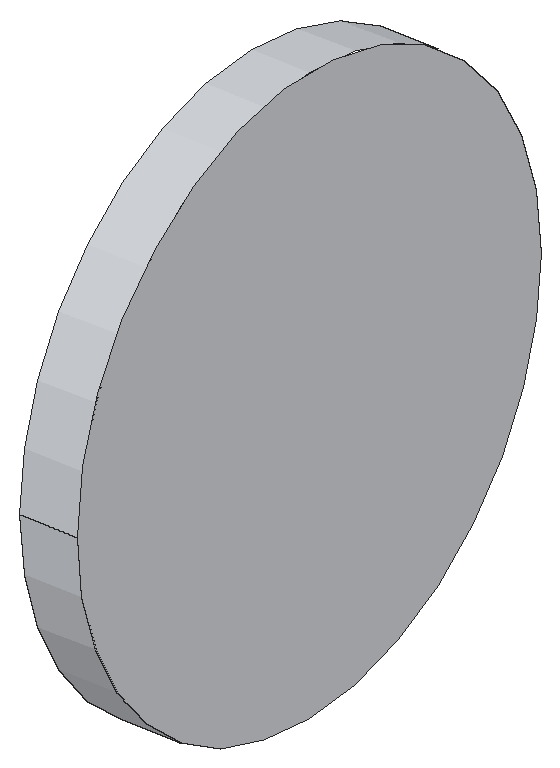
Revit family "Разрыв", category Соединительные детали трубопроводов, Revit 2025
Family settings
  Размер круглого соединителя = Использовать диаметр
  Тип детали = Мультипорт
  На основе рабочей плоскости = Нет
  Всегда вертикально = Да
  При загрузке вырезать с полостями = Нет
  Общий = Нет
Parameters
  Толщина [instance] = 2 mm
  Отметка по умолчанию = 0 mm
  Диаметр [instance] = 20 mm
Reference planes
  plane 1 "По центру (Вперед/Назад)": y = 0
  plane 2: z = 0
  plane 3 "По центру (Влево/Вправо)": x = 0
  plane 4: x = -1
  plane 5: x = 1
Forms (mm)
  Extrusion 1, solid, detail levels fine
    sketch origin (0, 0, 0) x (0, -1, 0) y (0, 0, 1)
      loop
        circle (0, 0) r 10
    from -1 to 1
Lines and regions (mm)
  model lines
    curve 1: line (-1, 0, 0) -> (1, 0, 0)
Dimensions and locks
  "Толщина": plane 4 to plane 5
  plane 4 to plane 5 = 2 mm
  equal spacing: plane 4, plane 3 "По центру (Влево/Вправо)", plane 5
  "Диаметр": diameter of Extrusion 1 sketch curve
  aligned and locked: level to plane 2
  aligned and locked: Extrusion 1 to plane 4
  aligned and locked: plane 5 to Extrusion 1
  aligned and locked: Extrusion 1 to curve 1
  aligned and locked: curve 1 to Extrusion 1
Automatic sketch dimensions
  Extrusion 1 sketch curve to level = 0 mm
  Extrusion 1 sketch curve to plane 1 "По центру (Вперед/Назад)" = 0 mm
  plane 1 "По центру (Вперед/Назад)" to curve 1 = 0 mm
Connectors
  piping at (1, 0, 0), diameter 20, driven by "Диаметр"
    settings: on Extrusion 1, index 1, connector inside diameter 609.6 mm, connector length 0 mm, flow factor 0, pipe flow 0.0 L/s, pressure drop 0.0 Pa, fitting loss kfactor 0, connector angle 0.00°, fixture units 0, engagement length 0 mm, angle of deflection 0.00°, flow configuration 0, flow direction 0, fitting loss method 0, system type 28, joint type 0, gender type 0, connector reference index 2, connector utility 0, adjustable connector yes, is connector primary no, connector description ""
  piping at (-1, 0, 0), diameter 20, driven by "Диаметр"
    settings: on Extrusion 1, index 2, connector inside diameter 609.6 mm, connector length 0 mm, flow factor 0, pipe flow 0.0 L/s, pressure drop 0.0 Pa, fitting loss kfactor 0, connector angle 0.00°, fixture units 0, engagement length 0 mm, angle of deflection 0.00°, flow configuration 0, flow direction 0, fitting loss method 0, system type 28, joint type 0, gender type 0, connector reference index 1, connector utility 0, adjustable connector yes, is connector primary yes, connector description ""
